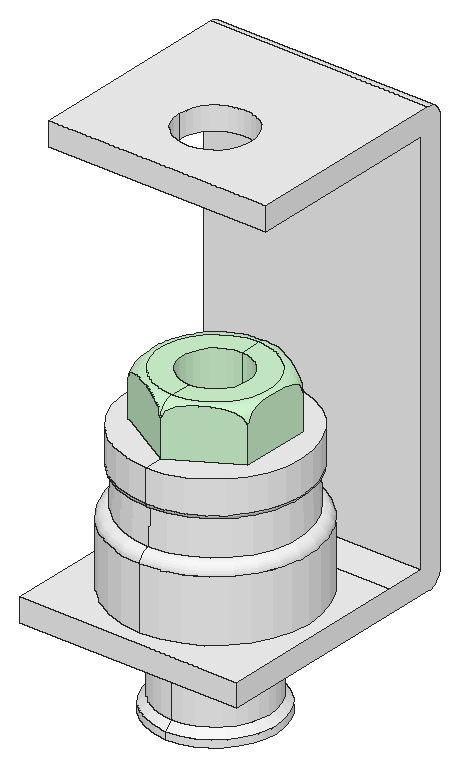
Revit family "圧縮型防振ハンガー(YC-30S)", category 機械設備, Revit 2020
Family settings
  丸型コネクタ寸法 = 直径を使用
  種別 = なし
  パーツ タイプ = 標準
  作業面ベース = いいえ
  常に垂直 = はい
  ロード時にボイドで切り取り = いいえ
  共有 = いいえ
  部屋計算ポイント = いいえ
Parameters
  製造元 = "株式会社桐井製作所"
  既定の高さ = 0 mm
  URL = "https://www.kirii.co.jp/"
  K_静的バネ係数N/mm = 100
  K_品名 = "圧縮型防振ハンガー(YCシールハンガー)YC-30S"
  K_名称 = "防振ハンガー"
  K_使用荷重(N) = "98～294"
  K_バージョン情報 = "20211012"
Reference planes
  plane 1 "中心(正面/背面)": y = 0
  plane 2: z = 0
  plane 3 "中心(左/右)": x = 0
  plane 4: x = 15
  plane 5: x = -15
Forms (mm)
  Extrusion 1, void
    sketch origin (0, -6, -15) x (1, 0, 0) y (0, 1, 0)
      loop
        circle (0, 5.989) r 5
    from 11.8 to 15
  Extrusion 2, solid
    sketch origin (0, 0, 0) x (0, 1, 0) y (0, 0, 1)
      loop
        line (16.8, -3.2) -> (16.8, -56.8) -> (11.4, -56.8) -> (-15, -56.8) -> (-15, -60) -> (18, -60)
        arc (18, -60) -> (19.414, -59.414) -> (20, -58) r 2
        line (20, -58) -> (20, -2)
        arc (20, -2) -> (19.414, -0.586) -> (18, 0) r 2
        line (18, 0) -> (-10, 0) -> (-10, -3.2) -> (11.4, -3.2) -> (16.8, -3.2)
    from -15 to 15
  Revolve 3, solid
    sketch origin (0, 0, 0) x (0, 1, 0) y (0, 0, 1)
      loop
        line (0, -36.8) -> (0, -56.8) -> (13, -56.8) -> (13, -48.3)
        arc (13, -48.3) -> (12.561, -47.239) -> (11.5, -46.8) r 1.5
        line (11.5, -46.8) -> (11.4, -41.79)
        arc (11.4, -41.79) -> (11.816, -41.687) -> (12, -41.3) r 0.5
        line (12, -41.3) -> (12, -36.8) -> (0, -36.8)
      axis (0, -56.8) -> (0, -36.8)
    angle from 0 to 360
  Revolve 4, solid
    sketch origin (0, 0, 0) x (0, 1, 0) y (0, 0, 1)
      loop
        line (0, -60) -> (0, -72) -> (8.5, -72) -> (8.5, -71) -> (7.5, -70) -> (7.5, -65) -> (9.5, -62) -> (9.5, -60) -> (0, -60)
      axis (0, -72) -> (0, -60)
    angle from 0 to 360
  Extrusion 5, void
    sketch origin (0, 0, 0) x (1, 0, 0) y (0, 1, 0)
      loop
        circle (0, 0) r 4.5
    from -72 to -36.8
Cuts and joins
  Extrusion 1 cuts Extrusion 2
  Extrusion 5 cuts Revolve 3
  Extrusion 5 cuts Revolve 4
Dimensions and locks
  aligned and locked: level to plane 2
Nested families
  nested 1: "ナット_面付(圧縮型防振ハンガー)" at (0, 0, -36.8) x (0, 1, 0) z (0, 0, 1), type "ナット_面付(圧縮型防振ハンガー)"
Definition of nested family "ナット_面付(圧縮型防振ハンガー)"
  Parameters (values of type "ナット_面付(圧縮型防振ハンガー)")
    Default Elevation = 1219.2 mm
  Reference planes
    plane 1 "中心(正面/背面)": y = 0
    plane 2: z = 0
    plane 3 "中心(左/右)": x = 0
  Forms (mm)
    Extrusion 1, solid
      sketch origin (0, 0, 0) x (1, 0, 0) y (0, 1, 0)
        loop
          line (-1219.2, 1219.2) -> (-1219.2, -1219.2) -> (1219.2, -1219.2) -> (1219.2, 1219.2) -> (-1219.2, 1219.2)
      from 0 to -304.8
    Revolve 2, solid
      sketch origin (0, 0, 4) x (1, 0, 0) y (0, 0, 1)
        loop
          line (4.5, 3) -> (4.5, -4) -> (9.5, -4) -> (9.5, 0.96)
          arc (9.5, 0.96) -> (8.902, 2.402) -> (7.46, 3) r 2.04
          line (7.46, 3) -> (4.5, 3)
        axis (0, 3) -> (0, -4)
      angle from 0 to 360
    Extrusion 3, void
      sketch origin (0, 0, 4) x (0, -1, 0) y (1, 0, 0)
        loop
          line (8.227, 4.75) -> (8.227, -4.75) -> (10.229, -4.75) -> (10.229, 4.75) -> (8.227, 4.75)
      from -4 to 6
    Extrusion 4, void
      sketch origin (0, 0, 4) x (0.866025, -0.5, 0) y (0.5, 0.866025, 0)
        loop
          line (8.227, 4.75) -> (8.227, -4.75) -> (10.229, -4.75) -> (10.229, 4.75) -> (8.227, 4.75)
      from -4 to 6
    Extrusion 5, void
      sketch origin (0, 0, 4) x (-0.866025, -0.5, 0) y (0.5, -0.866025, 0)
        loop
          line (8.227, 4.75) -> (8.227, -4.75) -> (10.229, -4.75) -> (10.229, 4.75) -> (8.227, 4.75)
      from -4 to 6
    Extrusion 6, void
      sketch origin (0, 0, 4) x (0, -1, 0) y (1, 0, 0)
        loop
          line (-8.227, 4.75) -> (-10.229, 4.75) -> (-10.229, -4.75) -> (-8.227, -4.75) -> (-8.227, 4.75)
      from -4 to 6
    Extrusion 7, void
      sketch origin (0, 0, 4) x (-0.866025, -0.5, 0) y (0.5, -0.866025, 0)
        loop
          line (-8.227, 4.75) -> (-10.229, 4.75) -> (-10.229, -4.75) -> (-8.227, -4.75) -> (-8.227, 4.75)
      from -4 to 6
    Extrusion 8, void
      sketch origin (0, 0, 4) x (0.866025, -0.5, 0) y (0.5, 0.866025, 0)
        loop
          line (-8.227, 4.75) -> (-10.229, 4.75) -> (-10.229, -4.75) -> (-8.227, -4.75) -> (-8.227, 4.75)
      from -4 to 6
  Cuts and joins
    Extrusion 3, Extrusion 4, Extrusion 5, Extrusion 6, Extrusion 7, Extrusion 8 cuts Revolve 2
  Dimensions and locks
    aligned and locked: plane 2 to Extrusion 1
    aligned and locked: level to Extrusion 1
